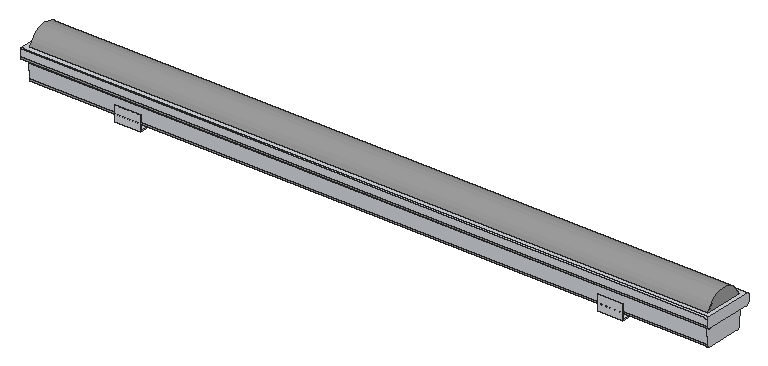
Revit family "0010280", category Lighting Fixtures, host Face, Revit 2017
Family settings
  Host = Face
  Round Connector Dimension = Use Diameter
  Part Type = Normal
  OmniClass Number = 23.80.70.00
  OmniClass Title = Lighting
  Cut with Voids When Loaded = No
  Light Source = Yes
  Shared = No
  Room Calculation Point = No
Parameters (values of type "0010280 RESISTO 1200 HE IP66 DALI 2800LM 840 EM")
  Weight = "kg"
  Wattage Comments = ""
  Wattage = 22 W
  WarrantyStartDate [instance] = "n/a"
  WarrantyGuarantorParts = "n/a"
  WarrantyDurationUnit = "n/a"
  WarrantyDurationParts = "n/a"
  WarrantyDescription = "n/a"
  WIDTH_SYL = 44.5 mm
  built-in parameter 1150110 = 1 (stored number, unit not read)
  Voltage = 0 V
  URL = "http://www.sylvania-lighting.com"
  TypeName = "Resisto 1200 HE IP66 DALI 2800LM 840 EM"
  Type Image = <None>
  Type Comments = "n/a"
  built-in parameter 1114217 = 1 (stored number, unit not read)
  Tilt Angle = -90.00°
  built-in parameter 1150109 = 1 (stored number, unit not read)
  built-in parameter 1150134 = 12
  TOP_WIDTH_SYL = 33.5 mm
  built-in parameter 1150113 = 1 (stored number, unit not read)
  SerialNumber [instance] = "n/a"
  Photometric Web File = "0010280.ies"
  Material_3_SYL = none
  PowerFactor = 1
  PowerConsumption = "22 W"
  NominalLength = 1200 mm
  NominalHeight = 80 mm
  NominalDepth = 87 mm
  Name = "Resisto 1200 HE IP66 DALI 2800LM 840 EM"
  ModelReference = Name  # "Resisto 1200 HE IP66 DALI 2800LM 840 EM"
  ModelNumber = "0010280"
  Model = Name  # "Resisto 1200 HE IP66 DALI 2800LM 840 EM"
  Material = "pc polycarbonate housing, pc polycarbonate diffuser"
  ManufacturerName = "Feilo Sylvania"
  Manufacturer = "Feilo Sylvania"
  MID_WIDTH_SYL = 36 mm
  LuminousEfficacy = "127 lm/W"
  built-in parameter 1150105 = 918.28 (stored number, unit not read)
  Lumens = 2794 lm
  LuminaireType = ""
  built-in parameter 1150115 = 1 (stored number, unit not read)
  LightOutputRatio = "n/a"
  built-in parameter 1150137 = (empty or 0)
  built-in parameter 1150139 = (empty or 0)
  LampsType = Lamp  # "LED"
  LampNominalLuminous = "2800 lm"
  LampMacAdamStep = "3"
  LampColourTemperature = "4000 K"
  LampColourRenderingIndex = "80"
  built-in parameter 1150112 = 1 (stored number, unit not read)
  built-in parameter 1150114 = 1 (stored number, unit not read)
  Lamp = "LED"
  LENGHT_SYL = if(L1500_SYL, 742 mm, if(L1200_SYL, 592 mm, 317 mm))  # 592 mm
  LENGHT_CHAMFER_SYL = if(L1500_SYL, 750 mm, if(L1200_SYL, 600 mm, 325 mm))  # 600 mm
  LENGHT_650_SYL = 325 mm
  LENGHT-_SYL = if(L1500_SYL, -742 mm, if(L1200_SYL, -592 mm, -317 mm))  # -592 mm
  LENGHT-_CHAMFER_SYL = if(L1500_SYL, -750 mm, if(L1200_SYL, -600 mm, -325 mm))  # -600 mm
  LEGHT_650-_SYL = -325 mm
  LEGHT_1500_SYL = 750 mm
  LEGHT_1500-_SYL = -750 mm
  LEGHT_1200_SYL = 600 mm
  LEGHT_1200-_SYL = -600 mm
  L0650_SYL = no
  L1500_SYL = no
  L1200_SYL = yes
  Keynote = "16500"
  InstallationDate [instance] = "n/a"
  InputVoltage = "n/a"
  InputNominalFrequency = "n/a"
  built-in parameter 1150132 = (empty or 0)
  built-in parameter 1150102 = (empty or 0)
  built-in parameter 1150107 = 4000 (stored number, unit not read)
  built-in parameter 1150138 = (empty or 0)
  IngressProtection = "IP66"
  ImpactProtectionIndex = "IK08"
  built-in parameter 1150106 = 9.1828 (stored number, unit not read)
  IfcExportType = "IfcLightFixtureType"
  IfcExportAs = "IfcLightFixtureType"
  Emit from Circle Diameter = 609.6 mm
  Emit Shape Visible in Rendering = no
  ElectricShockClassification = "Class I"
  built-in parameter 1150104 = 11.799 (stored number, unit not read)
  DocumentationLiterature = "http://www.sylvania-lighting.com/product/en-int/products/0010280"
  DimmingControlOptions = "n/a"
  Material_2_SYL = none
  Dimming Lamp Color Temperature Shift = <None>
  Description = "Resisto, integrated LED weatherproof luminaire, with UV stabilized flat diffuser designed to achieve uniform lit appearance, optimise light output and to reduce glare. 301 stainless steel diffuser clips and fixing brackets for surface mounting. Polycarbonate housing and diffuser - no yellow discolouration over time. 2800lm; 22W; 127lm/W; 4000K; SDCM<3; DALI dimmable; CRI80; IP66; IK08; Class I; 69,000hrs (L80B20) lifespan; 1200mm x 89mm x 88mm; D-mark; 3-hour maintained emergency batteries."
  Default Elevation = 1219.2 mm
  DIF_WIDHT_SYL = 35 mm
  DIF_HEIGHT_SYL = 24 mm
  CreatedOn = "6/10/2021"
  CreatedBy = "@sylvania-lighting.com"
  Cost = 0
  Color Filter = 16777215
  built-in parameter 1114216 [instance] = (empty or 0)
  ClassificationValue = "EF_70_80"
  ClassificationName = "Uniclass2015"
  Material_1_SYL = Default
  CHAMFER_SYL = 19 mm
  BarCode [instance] = "n/a"
  built-in parameter 1114218 = 1 (stored number, unit not read)
  BRACKET_WIDTH_SYL = BRACKET_DIST_SYL - 44 mm  # 400 mm
  BRACKET_HEIGHT_SYL = 9 mm
  BRACKET_DIST_SYL = LENGHT_CHAMFER_SYL - 156 mm  # 444 mm
  BODY_SYL = 36 mm
  built-in parameter 1150133 = 10 (stored number, unit not read)
  AssetType = "Fixed"
  AssetIdentifier [instance] = "n/a"
  Assembly Code = "D5020200"
  Apparent Load = 22 VA
  Material_4_SYL = none
Types (4, lengths in mm): name | Wattage | TypeName | Photometric Web File | PowerFactor | PowerConsumption | NominalLength | Name | ModelReference | ModelNumber | Model | LuminousEfficacy | built-in parameter 1150105 | Lumens | LampNominalLuminous | LENGHT_SYL | LENGHT_CHAMFER_SYL | LENGHT-_SYL | LENGHT-_CHAMFER_SYL | L1500_SYL | L1200_SYL | built-in parameter 1150106 | built-in parameter 1150104 | DocumentationLiterature | Description | BRACKET_WIDTH_SYL | BRACKET_DIST_SYL | Apparent Load
  0010283 RESISTO 1500 HE IP66 DALI 7100LM 840 EM | 50 W | "Resisto 1500 HE IP66 DALI 7100LM 840 EM" | "0010283.ies" | 0.98 | "50 W" | 1500 | "Resisto 1500 HE IP66 DALI 7100LM 840 EM" | "Resisto 1500 HE IP66 DALI 7100LM 840 EM" | "0010283" | "Resisto 1500 HE IP66 DALI 7100LM 840 EM" | "142 lm/W" | 2367.5 (stored number, unit not read) | 7100 lm | "7100 lm" | 742 | 750 | -742 | -750 | yes | no | 23.675 (stored number, unit not read) | 13.192 (stored number, unit not read) | "http://www.sylvania-lighting.com/product/en-int/products/0010283" | "Resisto, integrated LED weatherproof luminaire, with UV stabilized flat diffuser designed to achieve uniform lit appearance, optimise light output and to reduce glare. 301 stainless steel diffuser clips and fixing brackets for surface mounting. Polycarbonate housing and diffuser - no yellow discolouration over time. 7100lm; 50W; 142lm/W; 4000K; SDCM<3; DALI dimmable; CRI80; IP66; IK08; Class I; 69,000hrs (L80B20) lifespan; 1500mm x 89mm x 88mm; D-mark; 3-hour maintained emergency batteries." | 550 | 594 | 50 VA
  0010282 RESISTO 1500 HE IP66 DALI 4000LM 840 EM | 29 W | "Resisto 1500 HE IP66 DALI 4000LM 840 EM" | "0010282.ies" | 0.98 | "29 W" | 1500 | "Resisto 1500 HE IP66 DALI 4000LM 840 EM" | "Resisto 1500 HE IP66 DALI 4000LM 840 EM" | "0010282" | "Resisto 1500 HE IP66 DALI 4000LM 840 EM" | "138 lm/W" | 1287 (stored number, unit not read) | 4002 lm | "4000 lm" | 742 | 750 | -742 | -750 | yes | no | 12.87 (stored number, unit not read) | 12.821 (stored number, unit not read) | "http://www.sylvania-lighting.com/product/en-int/products/0010282" | "Resisto, integrated LED weatherproof luminaire, with UV stabilized flat diffuser designed to achieve uniform lit appearance, optimise light output and to reduce glare. 301 stainless steel diffuser clips and fixing brackets for surface mounting. Polycarbonate housing and diffuser - no yellow discolouration over time. 4000lm; 29W; 138lm/W; 4000K; SDCM<3; DALI dimmable; CRI80; IP66; IK08; Class I; 69,000hrs (L80B20) lifespan; 1500mm x 89mm x 88mm; D-mark; 3-hour maintained emergency batteries." | 550 | 594 | 29 VA
  0010281 RESISTO 1200 HE IP66 DALI 4800LM 840 EM | 35 W | "Resisto 1200 HE IP66 DALI 4800LM 840 EM" | "0010281.ies" | 0.98 | "35 W" | 1200 | "Resisto 1200 HE IP66 DALI 4800LM 840 EM" | "Resisto 1200 HE IP66 DALI 4800LM 840 EM" | "0010281" | "Resisto 1200 HE IP66 DALI 4800LM 840 EM" | "137 lm/W" | 1583.6 (stored number, unit not read) | 4795 lm | "4800 lm" | 592 | 600 | -592 | -600 | no | yes | 15.836 (stored number, unit not read) | 12.728 (stored number, unit not read) | "http://www.sylvania-lighting.com/product/en-int/products/0010281" | "Resisto, integrated LED weatherproof luminaire, with UV stabilized flat diffuser designed to achieve uniform lit appearance, optimise light output and to reduce glare. 301 stainless steel diffuser clips and fixing brackets for surface mounting. Polycarbonate housing and diffuser - no yellow discolouration over time. 4800lm; 35W; 137lm/W; 4000K; SDCM<3; DALI dimmable; CRI80; IP66; IK08; Class I; 69,000hrs (L80B20) lifespan; 1200mm x 89mm x 88mm; D-mark; 3-hour maintained emergency batteries." | 400 | 444 | 35 VA
  0010280 RESISTO 1200 HE IP66 DALI 2800LM 840 EM | 22 W | "Resisto 1200 HE IP66 DALI 2800LM 840 EM" | "0010280.ies" | 1 | "22 W" | 1200 | "Resisto 1200 HE IP66 DALI 2800LM 840 EM" | "Resisto 1200 HE IP66 DALI 2800LM 840 EM" | "0010280" | "Resisto 1200 HE IP66 DALI 2800LM 840 EM" | "127 lm/W" | 918.28 (stored number, unit not read) | 2794 lm | "2800 lm" | 592 | 600 | -592 | -600 | no | yes | 9.1828 (stored number, unit not read) | 11.799 (stored number, unit not read) | "http://www.sylvania-lighting.com/product/en-int/products/0010280" | "Resisto, integrated LED weatherproof luminaire, with UV stabilized flat diffuser designed to achieve uniform lit appearance, optimise light output and to reduce glare. 301 stainless steel diffuser clips and fixing brackets for surface mounting. Polycarbonate housing and diffuser - no yellow discolouration over time. 2800lm; 22W; 127lm/W; 4000K; SDCM<3; DALI dimmable; CRI80; IP66; IK08; Class I; 69,000hrs (L80B20) lifespan; 1200mm x 89mm x 88mm; D-mark; 3-hour maintained emergency batteries." | 400 | 444 | 22 VA
Reference planes
  plane 1 "Center (Front/Back)": y = 0
  plane 2: z = 0
  plane 3 "Center (Left/Right)": x = 0
  plane 4: z = 9
  plane 5: z = 45
  plane 6: z = 64
  plane 7: z = 88
  plane 8: y = -44.5
  plane 9: y = 44.5
  plane 10: y = -35
  plane 11: y = 35
  plane 12: y = 33.5
  plane 13: y = -33.5
  plane 14: y = -36
  plane 15: y = 36
  plane 16: z = 1
Forms (mm)
  Extrusion 1, solid
    sketch origin (319, 1524, 1219.2) x (0, 1, 0) y (0, 0, 1)
      loop
        line (-1552.835, -1210.2) -> (-1495.165, -1210.2)
        arc (-1495.165, -1210.2) -> (-1491.754, -1208.856) -> (-1490.177, -1205.546) r 5
        line (-1490.177, -1205.546) -> (-1488.323, -1178.854) -> (-1488, -1174.2) -> (-1560, -1174.2) -> (-1559.677, -1178.854) -> (-1557.823, -1205.546)
        arc (-1557.823, -1205.546) -> (-1556.246, -1208.856) -> (-1552.835, -1210.2) r 5
    from -592 <- "LENGHT-_SYL" to 592 <- "LENGHT_SYL"
  Extrusion 2, solid, material "Default" <- "Material_1_SYL"
    sketch origin (319, 1524, 1219.2) x (0, 1, 0) y (0, 0, 1)
      loop
        arc (-1490.5, -1155.2) -> (-1524, -1131.2) -> (-1557.5, -1155.2) r 35.38
        line (-1557.5, -1155.2) -> (-1490.5, -1155.2)
    from -592 <- "LENGHT-_SYL" to 592 <- "LENGHT_SYL"
  Extrusion 3, solid
    sketch origin (319, 1524, 1219.2) x (0, 1, 0) y (0, 0, 1)
      loop
        line (-1481.5, -1155.2) -> (-1566.5, -1155.2)
        arc (-1566.5, -1155.2) -> (-1567.914, -1155.786) -> (-1568.5, -1157.2) r 2
        line (-1568.5, -1157.2) -> (-1568.5, -1169.2)
        arc (-1568.5, -1169.2) -> (-1567.036, -1172.736) -> (-1563.5, -1174.2) r 5
        line (-1563.5, -1174.2) -> (-1484.5, -1174.2)
        arc (-1484.5, -1174.2) -> (-1480.964, -1172.736) -> (-1479.5, -1169.2) r 5
        line (-1479.5, -1169.2) -> (-1479.5, -1157.2)
        arc (-1479.5, -1157.2) -> (-1480.086, -1155.786) -> (-1481.5, -1155.2) r 2
    from -600 <- "LENGHT-_CHAMFER_SYL" to 600 <- "LENGHT_CHAMFER_SYL"
  Extrusion 4, solid
    sketch origin (319, 1524, 1219.2) x (0, 1, 0) y (0, 0, 1)
      loop
        line (-1489, -1219.2) -> (-1489, -1192.216) -> (-1490.5, -1192.216) -> (-1490.5, -1218.2) -> (-1557.5, -1218.2) -> (-1557.5, -1192.172) -> (-1559, -1192.172) -> (-1559, -1219.2) -> (-1489, -1219.2)
    from 400 <- "BRACKET_WIDTH_SYL" to 444 <- "BRACKET_DIST_SYL"
  Extrusion 5, solid
    sketch origin (321, 1524, 1219.2) x (0, 1, 0) y (0, 0, -1)
      loop
        line (-1489, 1219.2) -> (-1559, 1219.2) -> (-1559, 1192.172) -> (-1557.5, 1192.172) -> (-1557.5, 1218.2) -> (-1490.5, 1218.2) -> (-1490.5, 1192.216) -> (-1489, 1192.216) -> (-1489, 1219.2)
    from 400 <- "BRACKET_WIDTH_SYL" to 444 <- "BRACKET_DIST_SYL"
Dimensions and locks
  "BRACKET_HEIGHT_SYL": plane 4 to host face
  "BODY_SYL": plane 4 to plane 5
  "CHAMFER_SYL": plane 5 to plane 6
  "DIF_HEIGHT_SYL": plane 6 to plane 7
  "WIDTH_SYL": plane 9 to plane 1 "Center (Front/Back)" to plane 8
  "DIF_WIDHT_SYL": plane 11 to plane 1 "Center (Front/Back)" to plane 10
  "TOP_WIDTH_SYL": plane 12 to plane 1 "Center (Front/Back)" to plane 13
  "MID_WIDTH_SYL": plane 15 to plane 1 "Center (Front/Back)" to plane 14
  aligned and locked: plane 2 to host face
  aligned and locked: level to host face
  aligned and locked: Extrusion 3 sketch curve to plane 6
  aligned and locked: Extrusion 3 sketch curve to plane 9
  aligned and locked: plane 5 to Extrusion 3 sketch curve
  aligned and locked: plane 8 to Extrusion 3 sketch curve
Automatic sketch dimensions
  host sketch curve to host sketch curve = 2438.4 mm  (x2)
  plane 5 to Extrusion 1 sketch curve = 0 mm
  Extrusion 1 sketch curve to plane 14 = 0 mm
  plane 4 to Extrusion 1 sketch curve = 0 mm
  Extrusion 1 sketch curve to plane 15 = 0 mm
  Extrusion 1 sketch curve to plane 14 = 0.323 mm
  plane 13 to Extrusion 1 sketch curve = 0.323 mm
  Extrusion 1 sketch curve to plane 13 = 4.665 mm
  plane 12 to Extrusion 1 sketch curve = 4.665 mm
  Extrusion 1 sketch curve to plane 12 = 0.323 mm
  plane 15 to Extrusion 1 sketch curve = 0.323 mm
  Extrusion 1 sketch curve to plane 4 = 4.654 mm  (x2)
  plane 5 to Extrusion 1 sketch curve = 4.654 mm  (x2)
  plane 6 to Extrusion 2 sketch curve = 0 mm
  Extrusion 2 sketch curve to plane 13 = 0 mm
  Extrusion 2 sketch curve to plane 1 "Center (Front/Back)" = 0 mm
  Extrusion 2 sketch curve to plane 5 = 7.62 mm
  Extrusion 3 sketch curve to plane 8 = 2 mm
  plane 14 to Extrusion 3 sketch curve = 3.5 mm
  Extrusion 3 sketch curve to plane 15 = 3.5 mm
  plane 6 to Extrusion 3 sketch curve = 2 mm
  Extrusion 4 sketch curve to level = 0 mm
  Extrusion 4 sketch curve to plane 10 = 0 mm
  Extrusion 4 sketch curve to plane 13 = 0 mm
  Extrusion 4 sketch curve to plane 12 = 0 mm
  Extrusion 4 sketch curve to plane 11 = 0 mm
  plane 16 to Extrusion 4 sketch curve = 0 mm
  Extrusion 4 sketch curve to plane 4 = 17.984 mm
  plane 5 to Extrusion 4 sketch curve = 17.972 mm
  Extrusion 5 sketch curve to level = 0 mm
  Extrusion 5 sketch curve to plane 10 = 0 mm
  Extrusion 5 sketch curve to plane 13 = 0 mm
  Extrusion 5 sketch curve to plane 12 = 0 mm
  Extrusion 5 sketch curve to plane 11 = 0 mm
  plane 16 to Extrusion 5 sketch curve = 0 mm
  Extrusion 5 sketch curve to plane 4 = 17.984 mm
  plane 5 to Extrusion 5 sketch curve = 17.972 mm
Connectors
  electrical at (-273, 0, 27)
    settings: on Extrusion 1, index 1, voltage 0 V, apparent load 0 VA, apparent load phase1 0 VA, apparent load phase2 0 VA, apparent load phase3 0 VA, power factor 1, load classification "Other", number of poles 1, system type 31, power factor state 1, is connector primary yes, connector utility no, sub classification motor no, connector description ""
